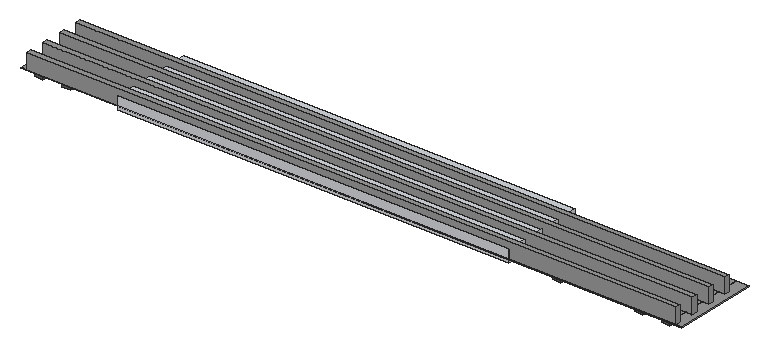
Revit family "1113-4, Solid", category Generic Models, host Face, Revit 2020
Family settings
  Host = Face
  Can host rebar = No
  Round Connector Dimension = Use Diameter
  Part Type = Normal
  Cut with Voids When Loaded = No
  Shared = No
  Room Calculation Point = No
Parameters
  min_value [instance] = 1' - 11 1/4"  # constant formula
  max_value [instance] = 11' - 11 1/4"  # constant formula
  actual_value [instance] = if(NET LENGTH < min_value, min_value, if(NET LENGTH > max_value, max_value, NET LENGTH))  # 7' - 11 1/4"
  SCRIM MATERIAL [instance] = SCRIM
  SCRIM [instance] = yes
  NET LENGTH [instance] = 7' - 11 1/4"
  Default Elevation = 4' - 0"
  BACKER MATERIAL [instance] = BLACK-BACKERS
  .. MEMBER WIDTH [instance] = 0' - 0 3/4"  # constant formula
  .. MEMBER MATERIAL [instance] = Solid Western Hemlock
  .. MEMBER LENGTH [instance] = actual_value  # 7' - 11 1/4"
  .. MEMBER DEPTH [instance] = 0' - 2 1/4"  # constant formula
  .. MEMBER COUNT [instance] = 4  # constant formula
  IMPORTANT NOTE!!!                                                                             *Backer layout is for visualization purposes only, final layout to be determined by 9Wood. [instance] = ""
Reference planes (in)
  plane 1 "Center (Front/Back)": y = 0
  plane 2: z = 1.82209
  plane 3 "Center (Left/Right)": x = 0
Forms (in)
  Extrusion 1, solid
    sketch origin (132, -33.80483, 0) x (1, 0, 0) y (0, 1, 0)
      loop
        line (-118.625, 33.80483) -> (-61.26146, 33.80483) -> (-61.26146, 45.86733) -> (-118.625, 45.86733) -> (-118.625, 33.80483)
    from 1.82209 to 0
Dimensions and locks (in)
  aligned and locked: Extrusion 1 to plane 2
  aligned and locked: plane 3 "Center (Left/Right)" to nested 1
Nested families (in)
  nested 1: "1100 SERIES CONFIG" at (0, 2, 0), .. MEMBER DEPTH <- ".. MEMBER DEPTH", .. MEMBER LENGTH <- ".. MEMBER LENGTH", .. MEMBER WIDTH <- ".. MEMBER WIDTH", .. MEMBER MATERIAL <- ".. MEMBER MATERIAL", BACKING M MATERIAL <- "BACKER MATERIAL", SCRIM  MATERIAL <- "SCRIM MATERIAL", .. MEMBER COUNT <- ".. MEMBER COUNT", SCRIM <- "SCRIM", type "1100 SERIES CONFIG"
    with X 7' - 8", SCRIM OVERHANG 2 0' - 0 3/32", SCRIM OVERHANG 0' - 0 7/8", SCRIM LENGTH 8' - 1", SCRIM  MATERIAL SCRIM, SCRIM yes, NOMINAL LENGTH 7, N 8, Inset 6' - 0 3/8", INSET 0' - 1", INDEX 0' - 5 5/8", HALF MEMBER WIDTH 0' - 0 3/8", HALF LENGTH 3' - 11 5/8", END BACKER yes, BACKING M WIDTH 0' - 1 1/4", BACKING M OC SPACING 1' - 0", BACKING M MATERIAL BLACK-BACKERS, BACKING M LENGTH 0' - 11 7/8", BACKING M DEPTH 0' - 0 1/2", BACKING M COUNT 8, 3/16" INSET 0' - 0 3/16", .. MEMBER WIDTH 0' - 0 3/4", .. MEMBER OC SPACING 0' - 3", .. MEMBER MATERIAL Solid Western Hemlock, .. MEMBER LENGTH 7' - 11 1/4", .. MEMBER DEPTH 0' - 2 1/4", .. MEMBER COUNT 4
Definition of nested family "1100 SERIES CONFIG"
  Parameters (values of type "1100 SERIES CONFIG")
    X [instance] = .. MEMBER LENGTH - 0' 3 1/4"  # 5' - 5"
    SCRIM OVERHANG 2 [instance] = 0' - 0 3/32"  # constant formula
    SCRIM OVERHANG [instance] = 0' - 0 7/8"  # constant formula
    SCRIM LENGTH [instance] = .. MEMBER LENGTH + (SCRIM OVERHANG * 2)  # 5' - 10"
    SCRIM  MATERIAL [instance] = none
    SCRIM [instance] = yes
    NOMINAL LENGTH [instance] = 7
    N [instance] = if((X - (rounddown(X / 1' 0") * 1' 0")) > 1' 0", rounddown(X / 1' 0") + 2, rounddown(X / 1' 0") + 1)  # 6
    Inset [instance] = 6' - 0 3/8"  # constant formula
    INSET [instance] = 0' - 1"  # constant formula
    END BACKER [instance] = INDEX > 0' 3 5/8"  # yes
    INDEX [instance] = (.. MEMBER LENGTH - ((N - 1) * 1' 0")) / 2  # 0' - 4 1/8"
    HALF MEMBER WIDTH [instance] = .. MEMBER WIDTH / 2  # 0' - 0 5/16"
    HALF LENGTH [instance] = .. MEMBER LENGTH / 2  # 2' - 10 1/8"
    Default Elevation = 0' - 0"
    BACKING M WIDTH [instance] = 0' - 1 1/4"
    BACKING M SPACING = 3' - 3"
    BACKING M MATERIAL [instance] = none
    BACKING M LENGTH [instance] = 0' - 11 7/8"
    BACKING M DEPTH [instance] = 0' - 0 1/2"
    BACKING M COUNT [instance] = N  # 6
    BACKING M OC SPACING [instance] = 1' - 0"  # constant formula
    3/16" INSET [instance] = 0' - 0 3/16"  # constant formula
    .. MEMBER WIDTH [instance] = 0' - 0 5/8"
    .. MEMBER OC SPACING [instance] = 1' 0" / .. MEMBER COUNT  # 0' - 4"
    .. MEMBER MATERIAL [instance] = none
    .. MEMBER LENGTH [instance] = 5' - 8 1/4"
    .. MEMBER DEPTH [instance] = 0' - 1 3/8"
    .. MEMBER COUNT [instance] = 3
  Reference planes (in)
    plane 1 "Center (Front/Back)": y = -2
    plane 2: z = 0
    plane 3 "Center (Left/Right)": x = 0
    plane 4: x = 1
    plane 5: x = 4.125
    plane 6: x = 34.125
    plane 7: x = 68.25
    plane 8: x = 67.25
    plane 9: x = 16.125
    plane 10: y = -1.8125
    plane 11: y = -1.6875
    plane 12: y = 2.3125
    plane 13: x = 69.125
    plane 14: x = -0.875
    plane 15: z = 0.5
    plane 16: z = 0.5625
    plane 17: y = 10.0625
    plane 18: y = 10.15625
    plane 19: y = -2.09375
  Dimensions and locks (in)
    "INSET": plane 3 "Center (Left/Right)" to plane 4
    "INDEX": plane 3 "Center (Left/Right)" to plane 5
    "HALF LENGTH": plane 3 "Center (Left/Right)" to plane 6
    ".. MEMBER LENGTH": plane 3 "Center (Left/Right)" to plane 7
    "INSET": plane 8 to plane 7
    equal spacing: group 2, group 3, group 6, group 7, group 8, group 9  (x3)
    "3/16" INSET": plane 1 "Center (Front/Back)" to plane 10
    ".. MEMBER OC SPACING": plane 12 to plane 11
    "SCRIM OVERHANG": plane 14 to plane 3 "Center (Left/Right)"
    "SCRIM OVERHANG": plane 7 to plane 13
    equal spacing: group 1, group 4, group 5  (x2)
    equal spacing: group 5, group 4, group 1
    "HALF MEMBER WIDTH": plane 1 "Center (Front/Back)" to plane 11
    "BACKING M OC SPACING": plane 5 to plane 9
    "SCRIM OVERHANG 2": plane 18 to plane 17
    "SCRIM OVERHANG 2": plane 19 to plane 1 "Center (Front/Back)"
    aligned and locked: level to plane 2
    aligned and locked: plane 6 to nested 1
    aligned and locked: nested 2 to plane 4
    aligned and locked: plane 5 to nested 3
    aligned and locked: plane 1 "Center (Front/Back)" to nested 1
    aligned and locked: nested 2 to plane 10
    aligned and locked: nested 3 to plane 10
    aligned and locked: nested 5 to plane 10
    aligned and locked: nested 4 to plane 10
    aligned and locked: nested 6 to plane 14
    aligned and locked: plane 12 to nested 7
    aligned and locked: nested 7 to plane 3 "Center (Left/Right)"
    aligned and locked: plane 9 to nested 5
    aligned and locked: plane 8 to nested 4
    aligned and locked: plane 15 to nested 2
    aligned and locked: nested 6 to plane 15
    aligned and locked: nested 1 to plane 16
    aligned and locked: nested 7 to plane 16
    aligned and locked: nested 6 to plane 19
  Nested families (in)
    nested 1: "INSTANCE - Parametric Cube" at (34.125, -1.6875, 1.9375), Length <- ".. MEMBER WIDTH", Height <- ".. MEMBER DEPTH", Width <- ".. MEMBER LENGTH", Material <- ".. MEMBER MATERIAL", type "INSTANCE - Parametric Cube"
      with Width 5' - 8 1/4", Material none, Length 0' - 0 5/8", Height 0' - 1 3/8"
    nested 2: "2ND INSTANCE - Parametric Cube" at (1.625, 4.125, 0), Height <- "BACKING M DEPTH", Length <- "BACKING M LENGTH", Width <- "BACKING M WIDTH", Material <- "BACKING M MATERIAL", visible <- "END BACKER", type "2ND INSTANCE - Parametric Cube"
      with Width 0' - 1 1/4", Material none, Length 0' - 11 7/8", Height 0' - 0 1/2"
    nested 3: "2ND INSTANCE - Parametric Cube" at (4.125, 4.125, 0), Length <- "BACKING M LENGTH", Height <- "BACKING M DEPTH", Width <- "BACKING M WIDTH", Material <- "BACKING M MATERIAL", type "2ND INSTANCE - Parametric Cube"
      with Width 0' - 1 1/4", Material none, Length 0' - 11 7/8", Height 0' - 0 1/2"
    nested 4: "2ND INSTANCE - Parametric Cube" at (66.625, 4.125, 0), Width <- "BACKING M WIDTH", Length <- "BACKING M LENGTH", Height <- "BACKING M DEPTH", Material <- "BACKING M MATERIAL", visible <- "END BACKER", type "2ND INSTANCE - Parametric Cube"
      with Width 0' - 1 1/4", Material none, Length 0' - 11 7/8", Height 0' - 0 1/2"
    nested 5: "2ND INSTANCE - Parametric Cube" at (16.125, 4.125, 0), Length <- "BACKING M LENGTH", Height <- "BACKING M DEPTH", Width <- "BACKING M WIDTH", Material <- "BACKING M MATERIAL", type "2ND INSTANCE - Parametric Cube"
      with Width 0' - 1 1/4", Material none, Length 0' - 11 7/8", Height 0' - 0 1/2"
    nested 6: "3RD INSTANCE - Parametric Cube" at (34.125, 4.0445, 0.5), Width <- "SCRIM LENGTH", Material <- "SCRIM  MATERIAL", visible <- "SCRIM", type "3RD INSTANCE - Parametric Cube"
      with Width 5' - 10", Material none, Length 1' - 0.27649", Height 0' - 0 1/16"
    nested 7: "INSTANCE - Parametric Cube" at (34.125, 2.3125, 1.9375), Length <- ".. MEMBER WIDTH", Height <- ".. MEMBER DEPTH", Width <- ".. MEMBER LENGTH", Material <- ".. MEMBER MATERIAL", type "INSTANCE - Parametric Cube"
      with Width 5' - 8 1/4", Material none, Length 0' - 0 5/8", Height 0' - 1 3/8"
    nested 8: "INSTANCE - Parametric Cube" at (34.125, 6.3125, 1.9375), Length <- ".. MEMBER WIDTH", Height <- ".. MEMBER DEPTH", Width <- ".. MEMBER LENGTH", Material <- ".. MEMBER MATERIAL", type "INSTANCE - Parametric Cube"
      with Width 5' - 8 1/4", Material none, Length 0' - 0 5/8", Height 0' - 1 3/8"
    nested 9: "2ND INSTANCE - Parametric Cube" at (28.125, 4.125, 0), Length <- "BACKING M LENGTH", Height <- "BACKING M DEPTH", Width <- "BACKING M WIDTH", Material <- "BACKING M MATERIAL", type "2ND INSTANCE - Parametric Cube"
      with Width 0' - 1 1/4", Material none, Length 0' - 11 7/8", Height 0' - 0 1/2"
    nested 10: "2ND INSTANCE - Parametric Cube" at (40.125, 4.125, 0), Length <- "BACKING M LENGTH", Height <- "BACKING M DEPTH", Width <- "BACKING M WIDTH", Material <- "BACKING M MATERIAL", type "2ND INSTANCE - Parametric Cube"
      with Width 0' - 1 1/4", Material none, Length 0' - 11 7/8", Height 0' - 0 1/2"
    nested 11: "2ND INSTANCE - Parametric Cube" at (52.125, 4.125, 0), Length <- "BACKING M LENGTH", Height <- "BACKING M DEPTH", Width <- "BACKING M WIDTH", Material <- "BACKING M MATERIAL", type "2ND INSTANCE - Parametric Cube"
      with Width 0' - 1 1/4", Material none, Length 0' - 11 7/8", Height 0' - 0 1/2"
    nested 12: "2ND INSTANCE - Parametric Cube" at (64.125, 4.125, 0), Length <- "BACKING M LENGTH", Height <- "BACKING M DEPTH", Width <- "BACKING M WIDTH", Material <- "BACKING M MATERIAL", type "2ND INSTANCE - Parametric Cube"
      with Width 0' - 1 1/4", Material none, Length 0' - 11 7/8", Height 0' - 0 1/2"
  Definition of nested family "INSTANCE - Parametric Cube"
    Parameters (values of type "INSTANCE - Parametric Cube")
      Width [instance] = 0' - 6"
      Material [instance] = none
      Length [instance] = 1' - 0"
      Height [instance] = 1' - 6"
      Default Elevation = 0' - 0"
    Reference planes (in)
      plane 1 "Center (Front/Back)": y = 0
      plane 2: z = 0
      plane 3 "Center (Left/Right)": x = 0
      plane 4: x = -3
      plane 5: x = 3
      plane 6: y = 6
      plane 7: y = -6
      plane 8: z = -18
    Forms (in)
      Extrusion 1, solid, material <- "Material"
        sketch origin (0, 0, 0) x (1, 0, 0) y (0, 1, 0)
          loop
            line (-3, 6) -> (-3, -6) -> (3, -6) -> (3, 6) -> (-3, 6)
        from -18 to 0
    Dimensions and locks (in)
      equal spacing: plane 4, plane 3 "Center (Left/Right)", plane 5
      equal spacing: plane 6, plane 1 "Center (Front/Back)", plane 7
      "Length": plane 6 to plane 7
      "Width": plane 4 to plane 5
      "Height": plane 8 to level
      aligned and locked: plane 2 to level
      aligned and locked: Extrusion 1 sketch curve to plane 6
      aligned and locked: plane 4 to Extrusion 1 sketch curve
      aligned and locked: plane 7 to Extrusion 1 sketch curve
      aligned and locked: Extrusion 1 sketch curve to plane 5
      aligned and locked: Extrusion 1 to plane 8
  Definition of nested family "2ND INSTANCE - Parametric Cube"
    Parameters (values of type "2ND INSTANCE - Parametric Cube")
      Width [instance] = 0' - 6"
      Material [instance] = none
      Length [instance] = 1' - 0"
      Height [instance] = 1' - 6"
      Default Elevation = 0' - 0"
    Reference planes (in)
      plane 1 "Center (Front/Back)": y = 0
      plane 2: z = 0
      plane 3 "Center (Left/Right)": x = 0
      plane 4: x = -3
      plane 5: x = 3
      plane 6: y = 6
      plane 7: y = -6
      plane 8: z = 18
    Forms (in)
      Extrusion 1, solid, material <- "Material"
        sketch origin (0, 0, 0) x (1, 0, 0) y (0, 1, 0)
          loop
            line (-3, 6) -> (-3, -6) -> (3, -6) -> (3, 6) -> (-3, 6)
        from 0 to 18
    Dimensions and locks (in)
      equal spacing: plane 4, plane 3 "Center (Left/Right)", plane 5
      equal spacing: plane 6, plane 1 "Center (Front/Back)", plane 7
      "Length": plane 6 to plane 7
      "Width": plane 4 to plane 5
      "Height": level to plane 8
      aligned and locked: plane 2 to level
      aligned and locked: Extrusion 1 sketch curve to plane 6
      aligned and locked: plane 4 to Extrusion 1 sketch curve
      aligned and locked: plane 7 to Extrusion 1 sketch curve
      aligned and locked: Extrusion 1 sketch curve to plane 5
      aligned and locked: plane 8 to Extrusion 1
      aligned and locked: Extrusion 1 to level
  Definition of nested family "3RD INSTANCE - Parametric Cube"
    Parameters (values of type "3RD INSTANCE - Parametric Cube")
      Width [instance] = 0' - 6"
      Material [instance] = none
      Length [instance] = 1' - 0"
      Height [instance] = 1' - 6"
      Default Elevation = 0' - 0"
    Reference planes (in)
      plane 1 "Center (Front/Back)": y = 0
      plane 2: z = 0
      plane 3 "Center (Left/Right)": x = 0
      plane 4: x = -3
      plane 5: x = 3
      plane 6: y = 6
      plane 7: y = -6
      plane 8: z = 18
    Forms (in)
      Extrusion 1, solid, material <- "Material"
        sketch origin (0, 0, 0) x (1, 0, 0) y (0, 1, 0)
          loop
            line (-3, 6) -> (-3, -6) -> (3, -6) -> (3, 6) -> (-3, 6)
        from 0 to 18
    Dimensions and locks (in)
      equal spacing: plane 4, plane 3 "Center (Left/Right)", plane 5
      equal spacing: plane 6, plane 1 "Center (Front/Back)", plane 7
      "Length": plane 6 to plane 7
      "Width": plane 4 to plane 5
      "Height": level to plane 8
      aligned and locked: plane 2 to level
      aligned and locked: Extrusion 1 sketch curve to plane 6
      aligned and locked: plane 4 to Extrusion 1 sketch curve
      aligned and locked: plane 7 to Extrusion 1 sketch curve
      aligned and locked: Extrusion 1 sketch curve to plane 5
      aligned and locked: plane 8 to Extrusion 1
      aligned and locked: Extrusion 1 to level
